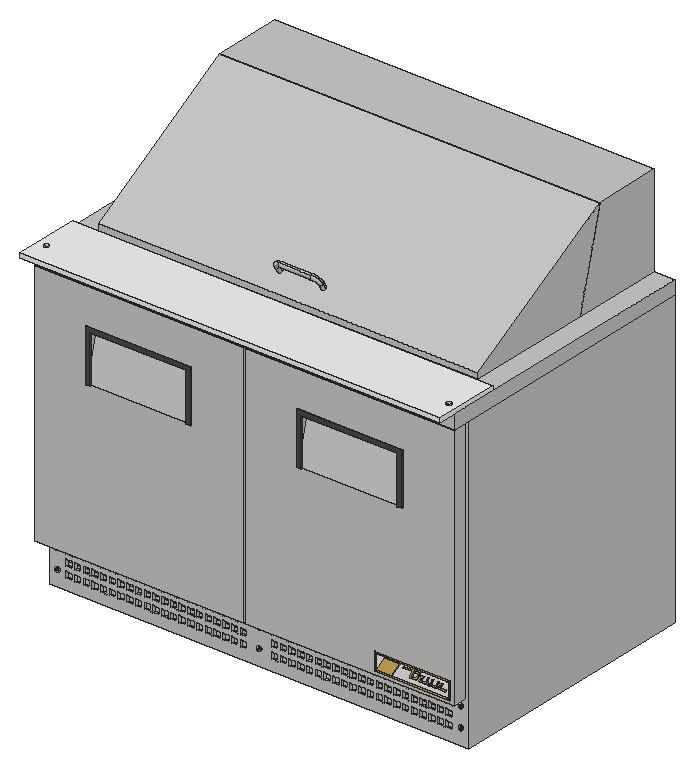
Revit family
Parameters
  Weight in Pounds = 480
  Watts = FL Amps * Volts  # 333.5 W
  Volts = 115 V
  URL Cutsheet = "www.truemfg.com"
  URL = "www.truemfg.com"
  Type Mark [instance] = ""
  Status [instance] = ""
  Specification by User [instance] = ""
  Specification by Manufacturer = ""
  Show Logo [instance] = yes
  Show Clearance [instance] = yes
  Serial Number = ""
  Seismic Rating = ""
  SMACNA No = ""
  Revision Code [instance] = ""
  Phase = 1
  Omniclass Number and Title = ""
  Number of Poles [instance] = 1
  NAFEM Spec ID Number = ""
  Model = "TFP-48-18M"
  Min Ckt Ampacity = 0 A
  Max Overcurrent Protection = 0 A
  Masterspec = ""
  Manufacturer = "TRUE FOOD SERVICE EQUIPMENT, INC."
  Item Number [instance] = ""
  Installed By [instance] = ""
  Identify Quantity as Lot [instance] = yes
  HP = "1/5"
  Furnished By [instance] = ""
  Foodservice Equipment Identifier [instance] = yes
  FL Amps = 2.9 A
  Electrical Remarks [instance] = ""
  Electric Connection Type [instance] = ""
  Elec Conn RI Height [instance] = 0"
  Elec Conn Connection Height [instance] = 0"
  Description = "FOOD PREP UNIT"
  Cycle = 60 Hz
  Conn Plug = "5-15P"
  Conn Conduit = yes
  CSI MasterFormat = ""
  CSI Master Format = ""
  Apparent Power = if(Phase = 3, Volts * FL Amps * 1.73, Volts * FL Amps)  # 333.5 VA
Reference planes (in)
  plane 1 "BACK": y = -16.5
  plane 2: z = 0
  plane 3 "LEFT": x = 0
  plane 4 "RIGHT": x = 48.125
  plane 5 "FRONT": y = -50.03125
  plane 6 "TOP": z = 46.5
  plane 7: y = -70.46875
Forms (in)
  Extrusion 1, solid, material "QF_Finishes_Stainless Steel"
    sketch origin (8, -16, 0) x (1, 0, 0) y (0, 0, 1)
      loop
        line (-8, 0.75) -> (40.125, 0.75) -> (40.125, 6.05001) -> (-8, 6.05001) -> (-8, 0.75)
      loop
        line (-6.10691, 5.23339) -> (-6.10691, 4.48339) -> (-5.35691, 4.48339) -> (-5.35691, 5.23339) -> (-6.10691, 5.23339)
      loop
        line (-4.10691, 5.23339) -> (-4.10691, 4.48339) -> (-3.35691, 4.48339) -> (-3.35691, 5.23339) -> (-4.10691, 5.23339)
      loop
        line (-2.10691, 5.23339) -> (-2.10691, 4.48339) -> (-1.35691, 4.48339) -> (-1.35691, 5.23339) -> (-2.10691, 5.23339)
      loop
        line (-0.10691, 5.23339) -> (-0.10691, 4.48339) -> (0.64309, 4.48339) -> (0.64309, 5.23339) -> (-0.10691, 5.23339)
      loop
        line (1.89309, 5.23339) -> (1.89309, 4.48339) -> (2.64309, 4.48339) -> (2.64309, 5.23339) -> (1.89309, 5.23339)
      loop
        line (3.89309, 5.23339) -> (3.89309, 4.48339) -> (4.64309, 4.48339) -> (4.64309, 5.23339) -> (3.89309, 5.23339)
      loop
        line (5.89309, 5.23339) -> (5.89309, 4.48339) -> (6.64309, 4.48339) -> (6.64309, 5.23339) -> (5.89309, 5.23339)
      loop
        line (-6.10691, 3.98339) -> (-6.10691, 3.23339) -> (-5.35691, 3.23339) -> (-5.35691, 3.98339) -> (-6.10691, 3.98339)
      loop
        line (-4.10691, 3.98339) -> (-4.10691, 3.23339) -> (-3.35691, 3.23339) -> (-3.35691, 3.98339) -> (-4.10691, 3.98339)
      loop
        line (-2.10691, 3.98339) -> (-2.10691, 3.23339) -> (-1.35691, 3.23339) -> (-1.35691, 3.98339) -> (-2.10691, 3.98339)
      loop
        line (-0.10691, 3.98339) -> (-0.10691, 3.23339) -> (0.64309, 3.23339) -> (0.64309, 3.98339) -> (-0.10691, 3.98339)
      loop
        line (1.89309, 3.98339) -> (1.89309, 3.23339) -> (2.64309, 3.23339) -> (2.64309, 3.98339) -> (1.89309, 3.98339)
      loop
        line (3.89309, 3.98339) -> (3.89309, 3.23339) -> (4.64309, 3.23339) -> (4.64309, 3.98339) -> (3.89309, 3.98339)
      loop
        line (5.89309, 3.98339) -> (5.89309, 3.23339) -> (6.64309, 3.23339) -> (6.64309, 3.98339) -> (5.89309, 3.98339)
      loop
        line (-6.10691, 2.73339) -> (-6.10691, 1.98339) -> (-5.35691, 1.98339) -> (-5.35691, 2.73339) -> (-6.10691, 2.73339)
      loop
        line (-4.10691, 2.73339) -> (-4.10691, 1.98339) -> (-3.35691, 1.98339) -> (-3.35691, 2.73339) -> (-4.10691, 2.73339)
      loop
        line (-2.10691, 2.73339) -> (-2.10691, 1.98339) -> (-1.35691, 1.98339) -> (-1.35691, 2.73339) -> (-2.10691, 2.73339)
      loop
        line (-0.10691, 2.73339) -> (-0.10691, 1.98339) -> (0.64309, 1.98339) -> (0.64309, 2.73339) -> (-0.10691, 2.73339)
      loop
        line (1.89309, 2.73339) -> (1.89309, 1.98339) -> (2.64309, 1.98339) -> (2.64309, 2.73339) -> (1.89309, 2.73339)
      loop
        line (3.89309, 2.73339) -> (3.89309, 1.98339) -> (4.64309, 1.98339) -> (4.64309, 2.73339) -> (3.89309, 2.73339)
      loop
        line (5.89309, 2.73339) -> (5.89309, 1.98339) -> (6.64309, 1.98339) -> (6.64309, 2.73339) -> (5.89309, 2.73339)
      loop
        line (-5.10691, 5.23339) -> (-5.10691, 4.48339) -> (-4.35691, 4.48339) -> (-4.35691, 5.23339) -> (-5.10691, 5.23339)
      loop
        line (-5.10691, 3.98339) -> (-5.10691, 3.23339) -> (-4.35691, 3.23339) -> (-4.35691, 3.98339) -> (-5.10691, 3.98339)
      loop
        line (-5.10691, 2.73339) -> (-5.10691, 1.98339) -> (-4.35691, 1.98339) -> (-4.35691, 2.73339) -> (-5.10691, 2.73339)
      loop
        line (-3.10691, 5.23339) -> (-3.10691, 4.48339) -> (-2.35691, 4.48339) -> (-2.35691, 5.23339) -> (-3.10691, 5.23339)
      loop
        line (-3.10691, 3.98339) -> (-3.10691, 3.23339) -> (-2.35691, 3.23339) -> (-2.35691, 3.98339) -> (-3.10691, 3.98339)
      loop
        line (-3.10691, 2.73339) -> (-3.10691, 1.98339) -> (-2.35691, 1.98339) -> (-2.35691, 2.73339) -> (-3.10691, 2.73339)
      loop
        line (-1.10691, 5.23339) -> (-1.10691, 4.48339) -> (-0.35691, 4.48339) -> (-0.35691, 5.23339) -> (-1.10691, 5.23339)
      loop
        line (-1.10691, 3.98339) -> (-1.10691, 3.23339) -> (-0.35691, 3.23339) -> (-0.35691, 3.98339) -> (-1.10691, 3.98339)
      loop
        line (-1.10691, 2.73339) -> (-1.10691, 1.98339) -> (-0.35691, 1.98339) -> (-0.35691, 2.73339) -> (-1.10691, 2.73339)
      loop
        line (0.89309, 5.23339) -> (0.89309, 4.48339) -> (1.64309, 4.48339) -> (1.64309, 5.23339) -> (0.89309, 5.23339)
      loop
        line (0.89309, 3.98339) -> (0.89309, 3.23339) -> (1.64309, 3.23339) -> (1.64309, 3.98339) -> (0.89309, 3.98339)
      loop
        line (0.89309, 2.73339) -> (0.89309, 1.98339) -> (1.64309, 1.98339) -> (1.64309, 2.73339) -> (0.89309, 2.73339)
      loop
        line (2.89309, 5.23339) -> (2.89309, 4.48339) -> (3.64309, 4.48339) -> (3.64309, 5.23339) -> (2.89309, 5.23339)
      loop
        line (2.89309, 3.98339) -> (2.89309, 3.23339) -> (3.64309, 3.23339) -> (3.64309, 3.98339) -> (2.89309, 3.98339)
      loop
        line (2.89309, 2.73339) -> (2.89309, 1.98339) -> (3.64309, 1.98339) -> (3.64309, 2.73339) -> (2.89309, 2.73339)
      loop
        line (4.89309, 5.23339) -> (4.89309, 4.48339) -> (5.64309, 4.48339) -> (5.64309, 5.23339) -> (4.89309, 5.23339)
      loop
        line (4.89309, 3.98339) -> (4.89309, 3.23339) -> (5.64309, 3.23339) -> (5.64309, 3.98339) -> (4.89309, 3.98339)
      loop
        line (4.89309, 2.73339) -> (4.89309, 1.98339) -> (5.64309, 1.98339) -> (5.64309, 2.73339) -> (4.89309, 2.73339)
      loop
        line (7.89309, 5.23339) -> (7.89309, 4.48339) -> (8.64309, 4.48339) -> (8.64309, 5.23339) -> (7.89309, 5.23339)
      loop
        line (9.89309, 5.23339) -> (9.89309, 4.48339) -> (10.64309, 4.48339) -> (10.64309, 5.23339) -> (9.89309, 5.23339)
      loop
        line (11.89309, 5.23339) -> (11.89309, 4.48339) -> (12.64309, 4.48339) -> (12.64309, 5.23339) -> (11.89309, 5.23339)
      loop
        line (7.89309, 3.98339) -> (7.89309, 3.23339) -> (8.64309, 3.23339) -> (8.64309, 3.98339) -> (7.89309, 3.98339)
      loop
        line (9.89309, 3.98339) -> (9.89309, 3.23339) -> (10.64309, 3.23339) -> (10.64309, 3.98339) -> (9.89309, 3.98339)
      loop
        line (11.89309, 3.98339) -> (11.89309, 3.23339) -> (12.64309, 3.23339) -> (12.64309, 3.98339) -> (11.89309, 3.98339)
      loop
        line (7.89309, 2.73339) -> (7.89309, 1.98339) -> (8.64309, 1.98339) -> (8.64309, 2.73339) -> (7.89309, 2.73339)
      loop
        line (9.89309, 2.73339) -> (9.89309, 1.98339) -> (10.64309, 1.98339) -> (10.64309, 2.73339) -> (9.89309, 2.73339)
      loop
        line (11.89309, 2.73339) -> (11.89309, 1.98339) -> (12.64309, 1.98339) -> (12.64309, 2.73339) -> (11.89309, 2.73339)
      loop
        line (6.89309, 5.23339) -> (6.89309, 4.48339) -> (7.64309, 4.48339) -> (7.64309, 5.23339) -> (6.89309, 5.23339)
      loop
        line (6.89309, 3.98339) -> (6.89309, 3.23339) -> (7.64309, 3.23339) -> (7.64309, 3.98339) -> (6.89309, 3.98339)
      loop
        line (6.89309, 2.73339) -> (6.89309, 1.98339) -> (7.64309, 1.98339) -> (7.64309, 2.73339) -> (6.89309, 2.73339)
      loop
        line (8.89309, 5.23339) -> (8.89309, 4.48339) -> (9.64309, 4.48339) -> (9.64309, 5.23339) -> (8.89309, 5.23339)
      loop
        line (8.89309, 3.98339) -> (8.89309, 3.23339) -> (9.64309, 3.23339) -> (9.64309, 3.98339) -> (8.89309, 3.98339)
      loop
        line (8.89309, 2.73339) -> (8.89309, 1.98339) -> (9.64309, 1.98339) -> (9.64309, 2.73339) -> (8.89309, 2.73339)
      loop
        line (10.89309, 5.23339) -> (10.89309, 4.48339) -> (11.64309, 4.48339) -> (11.64309, 5.23339) -> (10.89309, 5.23339)
      loop
        line (10.89309, 3.98339) -> (10.89309, 3.23339) -> (11.64309, 3.23339) -> (11.64309, 3.98339) -> (10.89309, 3.98339)
      loop
        line (10.89309, 2.73339) -> (10.89309, 1.98339) -> (11.64309, 1.98339) -> (11.64309, 2.73339) -> (10.89309, 2.73339)
      loop
        line (13.89309, 5.23339) -> (13.89309, 4.48339) -> (14.64309, 4.48339) -> (14.64309, 5.23339) -> (13.89309, 5.23339)
      loop
        line (13.89309, 3.98339) -> (13.89309, 3.23339) -> (14.64309, 3.23339) -> (14.64309, 3.98339) -> (13.89309, 3.98339)
      loop
        line (13.89309, 2.73339) -> (13.89309, 1.98339) -> (14.64309, 1.98339) -> (14.64309, 2.73339) -> (13.89309, 2.73339)
      loop
        line (12.89309, 5.23339) -> (12.89309, 4.48339) -> (13.64309, 4.48339) -> (13.64309, 5.23339) -> (12.89309, 5.23339)
      loop
        line (12.89309, 3.98339) -> (12.89309, 3.23339) -> (13.64309, 3.23339) -> (13.64309, 3.98339) -> (12.89309, 3.98339)
      loop
        line (12.89309, 2.73339) -> (12.89309, 1.98339) -> (13.64309, 1.98339) -> (13.64309, 2.73339) -> (12.89309, 2.73339)
      loop
        line (38.23191, 5.23339) -> (37.48191, 5.23339) -> (37.48191, 4.48339) -> (38.23191, 4.48339) -> (38.23191, 5.23339)
      loop
        line (36.23191, 5.23339) -> (35.48191, 5.23339) -> (35.48191, 4.48339) -> (36.23191, 4.48339) -> (36.23191, 5.23339)
      loop
        line (34.23191, 5.23339) -> (33.48191, 5.23339) -> (33.48191, 4.48339) -> (34.23191, 4.48339) -> (34.23191, 5.23339)
      loop
        line (32.23191, 5.23339) -> (31.48191, 5.23339) -> (31.48191, 4.48339) -> (32.23191, 4.48339) -> (32.23191, 5.23339)
      loop
        line (30.23191, 5.23339) -> (29.48191, 5.23339) -> (29.48191, 4.48339) -> (30.23191, 4.48339) -> (30.23191, 5.23339)
      loop
        line (28.23191, 5.23339) -> (27.48191, 5.23339) -> (27.48191, 4.48339) -> (28.23191, 4.48339) -> (28.23191, 5.23339)
      loop
        line (26.23191, 5.23339) -> (25.48191, 5.23339) -> (25.48191, 4.48339) -> (26.23191, 4.48339) -> (26.23191, 5.23339)
      loop
        line (38.23191, 3.98339) -> (37.48191, 3.98339) -> (37.48191, 3.23339) -> (38.23191, 3.23339) -> (38.23191, 3.98339)
      loop
        line (36.23191, 3.98339) -> (35.48191, 3.98339) -> (35.48191, 3.23339) -> (36.23191, 3.23339) -> (36.23191, 3.98339)
      loop
        line (34.23191, 3.98339) -> (33.48191, 3.98339) -> (33.48191, 3.23339) -> (34.23191, 3.23339) -> (34.23191, 3.98339)
      loop
        line (32.23191, 3.98339) -> (31.48191, 3.98339) -> (31.48191, 3.23339) -> (32.23191, 3.23339) -> (32.23191, 3.98339)
      loop
        line (30.23191, 3.98339) -> (29.48191, 3.98339) -> (29.48191, 3.23339) -> (30.23191, 3.23339) -> (30.23191, 3.98339)
      loop
        line (28.23191, 3.98339) -> (27.48191, 3.98339) -> (27.48191, 3.23339) -> (28.23191, 3.23339) -> (28.23191, 3.98339)
      loop
        line (26.23191, 3.98339) -> (25.48191, 3.98339) -> (25.48191, 3.23339) -> (26.23191, 3.23339) -> (26.23191, 3.98339)
      loop
        line (38.23191, 2.73339) -> (37.48191, 2.73339) -> (37.48191, 1.98339) -> (38.23191, 1.98339) -> (38.23191, 2.73339)
      loop
        line (36.23191, 2.73339) -> (35.48191, 2.73339) -> (35.48191, 1.98339) -> (36.23191, 1.98339) -> (36.23191, 2.73339)
      loop
        line (34.23191, 2.73339) -> (33.48191, 2.73339) -> (33.48191, 1.98339) -> (34.23191, 1.98339) -> (34.23191, 2.73339)
      loop
        line (32.23191, 2.73339) -> (31.48191, 2.73339) -> (31.48191, 1.98339) -> (32.23191, 1.98339) -> (32.23191, 2.73339)
      loop
        line (30.23191, 2.73339) -> (29.48191, 2.73339) -> (29.48191, 1.98339) -> (30.23191, 1.98339) -> (30.23191, 2.73339)
      loop
        line (28.23191, 2.73339) -> (27.48191, 2.73339) -> (27.48191, 1.98339) -> (28.23191, 1.98339) -> (28.23191, 2.73339)
      loop
        line (26.23191, 2.73339) -> (25.48191, 2.73339) -> (25.48191, 1.98339) -> (26.23191, 1.98339) -> (26.23191, 2.73339)
      loop
        line (37.23191, 5.23339) -> (36.48191, 5.23339) -> (36.48191, 4.48339) -> (37.23191, 4.48339) -> (37.23191, 5.23339)
      loop
        line (37.23191, 3.98339) -> (36.48191, 3.98339) -> (36.48191, 3.23339) -> (37.23191, 3.23339) -> (37.23191, 3.98339)
      loop
        line (37.23191, 2.73339) -> (36.48191, 2.73339) -> (36.48191, 1.98339) -> (37.23191, 1.98339) -> (37.23191, 2.73339)
      loop
        line (35.23191, 5.23339) -> (34.48191, 5.23339) -> (34.48191, 4.48339) -> (35.23191, 4.48339) -> (35.23191, 5.23339)
      loop
        line (35.23191, 3.98339) -> (34.48191, 3.98339) -> (34.48191, 3.23339) -> (35.23191, 3.23339) -> (35.23191, 3.98339)
      loop
        line (35.23191, 2.73339) -> (34.48191, 2.73339) -> (34.48191, 1.98339) -> (35.23191, 1.98339) -> (35.23191, 2.73339)
      loop
        line (33.23191, 5.23339) -> (32.48191, 5.23339) -> (32.48191, 4.48339) -> (33.23191, 4.48339) -> (33.23191, 5.23339)
      loop
        line (33.23191, 3.98339) -> (32.48191, 3.98339) -> (32.48191, 3.23339) -> (33.23191, 3.23339) -> (33.23191, 3.98339)
      loop
        line (33.23191, 2.73339) -> (32.48191, 2.73339) -> (32.48191, 1.98339) -> (33.23191, 1.98339) -> (33.23191, 2.73339)
      loop
        line (31.23191, 5.23339) -> (30.48191, 5.23339) -> (30.48191, 4.48339) -> (31.23191, 4.48339) -> (31.23191, 5.23339)
      loop
        line (31.23191, 3.98339) -> (30.48191, 3.98339) -> (30.48191, 3.23339) -> (31.23191, 3.23339) -> (31.23191, 3.98339)
      loop
        line (31.23191, 2.73339) -> (30.48191, 2.73339) -> (30.48191, 1.98339) -> (31.23191, 1.98339) -> (31.23191, 2.73339)
      loop
        line (29.23191, 5.23339) -> (28.48191, 5.23339) -> (28.48191, 4.48339) -> (29.23191, 4.48339) -> (29.23191, 5.23339)
      loop
        line (29.23191, 3.98339) -> (28.48191, 3.98339) -> (28.48191, 3.23339) -> (29.23191, 3.23339) -> (29.23191, 3.98339)
      loop
        line (29.23191, 2.73339) -> (28.48191, 2.73339) -> (28.48191, 1.98339) -> (29.23191, 1.98339) -> (29.23191, 2.73339)
      loop
        line (27.23191, 5.23339) -> (26.48191, 5.23339) -> (26.48191, 4.48339) -> (27.23191, 4.48339) -> (27.23191, 5.23339)
      loop
        line (27.23191, 3.98339) -> (26.48191, 3.98339) -> (26.48191, 3.23339) -> (27.23191, 3.23339) -> (27.23191, 3.98339)
      loop
        line (27.23191, 2.73339) -> (26.48191, 2.73339) -> (26.48191, 1.98339) -> (27.23191, 1.98339) -> (27.23191, 2.73339)
      loop
        line (24.23191, 5.23339) -> (23.48191, 5.23339) -> (23.48191, 4.48339) -> (24.23191, 4.48339) -> (24.23191, 5.23339)
      loop
        line (22.23191, 5.23339) -> (21.48191, 5.23339) -> (21.48191, 4.48339) -> (22.23191, 4.48339) -> (22.23191, 5.23339)
      loop
        line (20.23191, 5.23339) -> (19.48191, 5.23339) -> (19.48191, 4.48339) -> (20.23191, 4.48339) -> (20.23191, 5.23339)
      loop
        line (24.23191, 3.98339) -> (23.48191, 3.98339) -> (23.48191, 3.23339) -> (24.23191, 3.23339) -> (24.23191, 3.98339)
      loop
        line (22.23191, 3.98339) -> (21.48191, 3.98339) -> (21.48191, 3.23339) -> (22.23191, 3.23339) -> (22.23191, 3.98339)
      loop
        line (20.23191, 3.98339) -> (19.48191, 3.98339) -> (19.48191, 3.23339) -> (20.23191, 3.23339) -> (20.23191, 3.98339)
      loop
        line (24.23191, 2.73339) -> (23.48191, 2.73339) -> (23.48191, 1.98339) -> (24.23191, 1.98339) -> (24.23191, 2.73339)
      loop
        line (22.23191, 2.73339) -> (21.48191, 2.73339) -> (21.48191, 1.98339) -> (22.23191, 1.98339) -> (22.23191, 2.73339)
      loop
        line (20.23191, 2.73339) -> (19.48191, 2.73339) -> (19.48191, 1.98339) -> (20.23191, 1.98339) -> (20.23191, 2.73339)
      loop
        line (25.23191, 5.23339) -> (24.48191, 5.23339) -> (24.48191, 4.48339) -> (25.23191, 4.48339) -> (25.23191, 5.23339)
      loop
        line (25.23191, 3.98339) -> (24.48191, 3.98339) -> (24.48191, 3.23339) -> (25.23191, 3.23339) -> (25.23191, 3.98339)
      loop
        line (25.23191, 2.73339) -> (24.48191, 2.73339) -> (24.48191, 1.98339) -> (25.23191, 1.98339) -> (25.23191, 2.73339)
      loop
        line (23.23191, 5.23339) -> (22.48191, 5.23339) -> (22.48191, 4.48339) -> (23.23191, 4.48339) -> (23.23191, 5.23339)
      loop
        line (23.23191, 3.98339) -> (22.48191, 3.98339) -> (22.48191, 3.23339) -> (23.23191, 3.23339) -> (23.23191, 3.98339)
      loop
        line (23.23191, 2.73339) -> (22.48191, 2.73339) -> (22.48191, 1.98339) -> (23.23191, 1.98339) -> (23.23191, 2.73339)
      loop
        line (21.23191, 5.23339) -> (20.48191, 5.23339) -> (20.48191, 4.48339) -> (21.23191, 4.48339) -> (21.23191, 5.23339)
      loop
        line (21.23191, 3.98339) -> (20.48191, 3.98339) -> (20.48191, 3.23339) -> (21.23191, 3.23339) -> (21.23191, 3.98339)
      loop
        line (21.23191, 2.73339) -> (20.48191, 2.73339) -> (20.48191, 1.98339) -> (21.23191, 1.98339) -> (21.23191, 2.73339)
      loop
        line (18.23191, 5.23339) -> (17.48191, 5.23339) -> (17.48191, 4.48339) -> (18.23191, 4.48339) -> (18.23191, 5.23339)
      loop
        line (18.23191, 3.98339) -> (17.48191, 3.98339) -> (17.48191, 3.23339) -> (18.23191, 3.23339) -> (18.23191, 3.98339)
      loop
        line (18.23191, 2.73339) -> (17.48191, 2.73339) -> (17.48191, 1.98339) -> (18.23191, 1.98339) -> (18.23191, 2.73339)
      loop
        line (19.23191, 5.23339) -> (18.48191, 5.23339) -> (18.48191, 4.48339) -> (19.23191, 4.48339) -> (19.23191, 5.23339)
      loop
        line (19.23191, 3.98339) -> (18.48191, 3.98339) -> (18.48191, 3.23339) -> (19.23191, 3.23339) -> (19.23191, 3.98339)
      loop
        line (19.23191, 2.73339) -> (18.48191, 2.73339) -> (18.48191, 1.98339) -> (19.23191, 1.98339) -> (19.23191, 2.73339)
    from 29.62 to 29.87
  Extrusion 2, solid, material "QF_Finishes_Stainless Steel"
    sketch origin (0.125, 0, 0) x (0, 1, 0) y (0, 0, 1)
      loop
        line (-16.5, 36) -> (-16.5, 46.5) -> (-24.34375, 46.5) -> (-27.1875, 36) -> (-16.5, 36)
    from 2.1875 to 45.6875
  Extrusion 3, solid, material "QF_Finishes_Stainless Steel"
    sketch origin (0, 0, 0) x (0, 1, 0) y (0, 0, 1)
      loop
        line (-27.1875, 36) -> (-24.34375, 46.5) -> (-41.71875, 36.68893) -> (-41.71875, 36) -> (-27.1875, 36)
    from 2.3125 to 45.8125
  Extrusion 4, solid, material "QF_Finishes_Stainless Steel"
    sketch origin (0, 0, 0) x (0, 1, 0) y (0, 0, 1)
      loop
        line (-48, 36) -> (-48, 34.40823) -> (-16.5, 34.40823) -> (-16.5, 36) -> (-48, 36)
    from 0 to 48.125
  Extrusion 5, solid, material "QF_Finishes_Stainless Steel"
    sketch origin (0, 0, 0) x (0, 1, 0) y (0, 0, 1)
      loop
        line (-45.87, 34.40823) -> (-45.87, 6.04042) -> (-16.96875, 6.04042) -> (-16.96875, 3.25) -> (-45.12, 3.25) -> (-45.12, 1) -> (-45.62, 1) -> (-45.62, 0.75) -> (-44.87, 0.75) -> (-44.87, 3) -> (-16.96875, 3) -> (-16.96875, 0.75) -> (-16.5, 0.75) -> (-16.5, 34.40823) -> (-45.87, 34.40823)
    from 0 to 48.125
  Extrusion 6, solid, material "QF_Finishes_Stainless Steel"
    sketch origin (0, -16.5, 0) x (1, 0, 0) y (0, 0, 1)
      loop
        line (0, 0.75) -> (0.53645, 0.75) -> (0.53645, 6.04042) -> (0, 6.04042) -> (0, 0.75)
      loop
        line (48.125, 0.75) -> (48.125, 6.04042) -> (47.58855, 6.04042) -> (47.58855, 0.75) -> (48.125, 0.75)
    from 0 to 29.12
  Extrusion 7, solid, material "QF_Finishes_Stainless Steel"
    sketch origin (0, -15, 0) x (1, 0, 0) y (0, 0, 1)
      loop
        line (23.9375, 6.04042) -> (23.9375, 34.28323) -> (0, 34.28323) -> (0, 6.04042) -> (23.9375, 6.04042)
      loop
        line (5.96875, 24.28323) -> (17.96875, 24.28323) -> (17.96875, 30.28323) -> (5.96875, 30.28323) -> (5.96875, 24.28323)
      loop
        line (24.1875, 6.04042) -> (48.125, 6.04042) -> (48.125, 34.28323) -> (24.1875, 34.28323) -> (24.1875, 6.04042)
      loop
        line (42.15625, 24.28323) -> (42.15625, 30.28323) -> (30.15625, 30.28323) -> (30.15625, 24.28323) -> (42.15625, 24.28323)
    from 31.44201 to 33
  Extrusion 8, solid, material "QF_Finishes_Black"
    sketch origin (0, 1.5, 0) x (0, 1, 0) y (0, 0, 1)
      loop
        line (-47.94201, 33.8406) -> (-47.94201, 20.62458) -> (-47.37, 20.62458) -> (-47.37, 33.8406) -> (-47.94201, 33.8406)
      loop
        line (-47.94201, 19.61128) -> (-47.94201, 6.82675) -> (-47.37, 6.82675) -> (-47.37, 19.61128) -> (-47.94201, 19.61128)
    from 0.53645 to 23.40105
  Extrusion 9, solid, material "QF_Finishes_Stainless Steel"
    sketch origin (-3.46875, 1.5, 0) x (0, 1, 0) y (0, 0, 1)
      loop
        line (-47.94201, 30.28323) -> (-49.5, 24.28323) -> (-47.94201, 24.28323) -> (-47.94201, 30.28323)
    from 9.4375 to 21.4375
  Extrusion 10, solid, material "QF_Finishes_Black"
    sketch origin (-3.46875, -48, 0) x (1, 0, 0) y (0, 0, 1)
      loop
        line (21.4375, 30.28323) -> (9.4375, 30.28323) -> (9.4375, 24.28323) -> (9.9375, 24.28323) -> (9.9375, 29.78323) -> (20.9375, 29.78323) -> (20.9375, 24.28323) -> (21.4375, 24.28323) -> (21.4375, 30.28323)
      loop
        line (33.625, 30.28323) -> (33.625, 24.28323) -> (34.125, 24.28323) -> (34.125, 29.78323) -> (45.125, 29.78323) -> (45.125, 24.28323) -> (45.625, 24.28323) -> (45.625, 30.28323) -> (33.625, 30.28323)
    from 0 to 0.125
  Extrusion 11, solid, material "QF_Finishes_White"
    sketch origin (0, 0, 0) x (0, 1, 0) y (0, 0, 1)
      loop
        line (-50.03125, 36.5) -> (-50.03125, 36) -> (-42.53125, 36) -> (-42.53125, 36.5) -> (-50.03125, 36.5)
    from 0 to 48.125
  Sweep 12, solid, material "QF_Finishes_Stainless Steel"
    path origin (7.87857, -19.52146, 7.92906) x (1, 0, 0) y (0, -0.560766, 0.827974)
      loop
        line (18.42574, 36.0969) -> (18.42574, 36.8469)
        arc (18.42574, 36.8469) -> (18.29892, 37.15309) -> (17.99273, 37.27992) r 0.43301
        line (17.99273, 37.27992) -> (14.37051, 37.27992)
        arc (14.37051, 37.27992) -> (14.06433, 37.15309) -> (13.9375, 36.8469) r 0.43301
        line (13.9375, 36.8469) -> (13.9375, 36.0969)
    profile origin (21.81607, -39.97367, 38.12686) x (1, 0, 0) y (0, -0.827974, -0.560766)
      loop
        circle (-0.25, 0) r 0.25
  Extrusion 13, solid, material "QF_Finishes_Handrails and Railings"
    sketch origin (0.3125, -45.87, 0) x (1, 0, 0) y (0, 0, 1)
      loop
        circle (0.625, 4.80001) r 0.25
      loop
        circle (0.625, 2.55001) r 0.25
      loop
        line (0.60938, 4.93254) -> (0.60938, 4.81564) -> (0.49788, 4.81564) -> (0.49788, 4.78439) -> (0.60938, 4.78439) -> (0.60937, 4.66749) -> (0.64062, 4.66749) -> (0.64063, 4.78439) -> (0.75212, 4.78439) -> (0.75212, 4.81564) -> (0.64063, 4.81564) -> (0.64063, 4.93254) -> (0.60938, 4.93254)
      loop
        line (0.60937, 2.68254) -> (0.60937, 2.56564) -> (0.49788, 2.56564) -> (0.49788, 2.53439) -> (0.60937, 2.53439) -> (0.60937, 2.41749) -> (0.64062, 2.41749) -> (0.64062, 2.53439) -> (0.75212, 2.53439) -> (0.75212, 2.56564) -> (0.64062, 2.56564) -> (0.64062, 2.68254) -> (0.60937, 2.68254)
    from 0 to 0.0625
  Extrusion 14, solid, material "QF_Finishes_Satin - Goldenrod", visible <- "Show Logo"
    sketch origin (38.1543, -13.23203, -22.99575) x (1, 0, 0) y (0, 0, 1)
      loop
        line (4.18351, 31.09206) -> (4.10478, 30.92323) -> (5.15208, 30.92323)
        arc (5.15208, 30.92323) -> (5.17333, 30.88564) -> (5.15208, 30.84805) r 0.04386
        line (5.15208, 30.84805) -> (4.87892, 30.26228)
        arc (4.87892, 30.26228) -> (4.87656, 30.20802) -> (4.91325, 30.16798) r 0.07096
        line (4.91325, 30.16798) -> (5.5829, 30.16798)
        arc (5.5829, 30.16798) -> (5.66746, 30.19464) -> (5.72144, 30.26498) r 0.14742
        line (5.72144, 30.26498) -> (5.9364, 30.72597) -> (6.1339, 30.72597)
        arc (6.1339, 30.72597) -> (6.18572, 30.70692) -> (6.17822, 30.65222) r 0.04405
        line (6.17822, 30.65222) -> (5.99835, 30.26649)
        arc (5.99835, 30.26649) -> (6.00115, 30.20243) -> (6.05523, 30.16798) r 0.06943
        line (6.05523, 30.16798) -> (6.64365, 30.16798)
        arc (6.64365, 30.16798) -> (6.68873, 30.18439) -> (6.71272, 30.22594) r 0.07014
        arc (6.71272, 30.22594) -> (6.7297, 30.18495) -> (6.77068, 30.16798) r 0.05796
        line (6.77068, 30.16798) -> (7.14325, 30.16798)
        arc (7.14325, 30.16798) -> (7.18629, 30.17951) -> (7.2178, 30.21102) r 0.08608
        arc (7.2178, 30.21102) -> (7.23289, 30.1746) -> (7.26931, 30.15952) r 0.0515
        line (7.26931, 30.15952) -> (7.79882, 30.15952)
        arc (7.79882, 30.15952) -> (7.84211, 30.17745) -> (7.86005, 30.22074) r 0.06122
        arc (7.86005, 30.22074) -> (7.89973, 30.18105) -> (7.95394, 30.16653) r 0.10842
        line (7.95394, 30.16653) -> (8.94586, 30.16653) -> (9.05604, 30.35737) -> (8.05555, 30.35737)
        arc (8.05555, 30.35737) -> (8.02794, 30.37652) -> (8.02691, 30.41011) r 0.03732
        line (8.02691, 30.41011) -> (8.04422, 30.44722)
        arc (8.04422, 30.44722) -> (8.07079, 30.48203) -> (8.11255, 30.49524) r 0.07263
        line (8.11255, 30.49524) -> (8.43414, 30.49524)
        arc (8.43414, 30.49524) -> (8.50355, 30.51383) -> (8.55436, 30.56465) r 0.13882
        line (8.55436, 30.56465) -> (8.6475, 30.72597)
        arc (8.6475, 30.72597) -> (8.6475, 30.81208) -> (8.57293, 30.85513) r 0.08611
        line (8.57293, 30.85513) -> (8.23352, 30.85513)
        arc (8.23352, 30.85513) -> (8.14699, 30.84044) -> (8.08663, 30.77673) r 0.13863
        line (8.08663, 30.77673) -> (7.92534, 30.43083)
        arc (7.92534, 30.43083) -> (7.87774, 30.3688) -> (7.80316, 30.34528) r 0.13002
        line (7.80316, 30.34528) -> (7.45109, 30.34528)
        arc (7.45109, 30.34528) -> (7.40895, 30.39128) -> (7.41167, 30.4536) r 0.08151
        line (7.41167, 30.4536) -> (7.59891, 30.85513) -> (7.47974, 30.85513) -> (7.28137, 30.42972)
        arc (7.28137, 30.42972) -> (7.24283, 30.37949) -> (7.18244, 30.36046) r 0.10527
        line (7.18244, 30.36046) -> (6.93967, 30.36046)
        arc (6.93967, 30.36046) -> (6.89865, 30.41392) -> (6.90744, 30.48073) r 0.08805
        line (6.90744, 30.48073) -> (7.08203, 30.85513) -> (6.95897, 30.85513) -> (6.75801, 30.42418)
        arc (6.75801, 30.42418) -> (6.71136, 30.37753) -> (6.64764, 30.36046) r 0.12745
        line (6.64764, 30.36046) -> (6.29609, 30.36046)
        arc (6.29609, 30.36046) -> (6.23295, 30.3899) -> (6.22688, 30.4593) r 0.06967
        line (6.22688, 30.4593) -> (6.34243, 30.70711) -> (6.50577, 30.70711)
        arc (6.50577, 30.70711) -> (6.53334, 30.79018) -> (6.592, 30.85513) r 0.21289
        line (6.592, 30.85513) -> (5.95369, 30.85513)
        arc (5.95369, 30.85513) -> (5.88276, 30.83941) -> (5.83367, 30.78584) r 0.12081
        line (5.83367, 30.78584) -> (5.66065, 30.4148)
        arc (5.66065, 30.4148) -> (5.62087, 30.37502) -> (5.56653, 30.36046) r 0.10869
        line (5.56653, 30.36046) -> (5.18545, 30.36046)
        arc (5.18545, 30.36046) -> (5.15571, 30.40065) -> (5.16137, 30.45033) r 0.06822
        line (5.16137, 30.45033) -> (5.41281, 30.92323) -> (6.04721, 30.92323) -> (6.12594, 31.09206) -> (5.49154, 31.09206) -> (5.57027, 31.2609) -> (5.34459, 31.2609) -> (5.26586, 31.09206) -> (4.18351, 31.09206)
      loop
        arc (8.19062, 30.70184) -> (8.16316, 30.69448) -> (8.14305, 30.67438) r 0.05494
        line (8.14305, 30.67438) -> (8.12672, 30.62415)
        arc (8.12672, 30.62415) -> (8.13429, 30.60587) -> (8.15258, 30.59829) r 0.02586
        line (8.15258, 30.59829) -> (8.43014, 30.59829)
        arc (8.43014, 30.59829) -> (8.45013, 30.60273) -> (8.46638, 30.6152) r 0.04731
        line (8.46638, 30.6152) -> (8.47988, 30.6777)
        arc (8.47988, 30.6777) -> (8.47591, 30.69443) -> (8.46039, 30.70184) r 0.01994
        line (8.46039, 30.70184) -> (8.19062, 30.70184)
      loop
        line (1.13539, 29.6475) -> (2.84485, 29.6475) -> (3.77016, 31.25018) -> (2.0607, 31.25018) -> (1.13539, 29.6475)
    from 34.76797 to 34.83173
  Extrusion 15, solid, material "QF_Finishes_White", visible <- "Show Logo"
    sketch origin (-26.3478, -13.25, -25.84035) x (1, 0, 0) y (0, 0, 1)
      loop
        line (73.84232, 34.15728) -> (65.51732, 34.15728) -> (65.51732, 32.4296) -> (73.84232, 32.4296) -> (73.84232, 34.15728)
    from 34.75 to 34.76797
  Extrusion 16, solid, material "QF_Finishes_Satin - Goldenrod", visible <- "Show Logo"
    sketch origin (-26.3478, -13.25, -25.84035) x (1, 0, 0) y (0, 0, 1)
      loop
        line (73.97982, 34.29477) -> (65.37982, 34.29477) -> (65.37982, 32.2921) -> (73.97982, 32.2921) -> (73.97982, 34.29477)
      loop
        line (65.51732, 34.15728) -> (65.51732, 32.4296) -> (73.84232, 32.4296) -> (73.84232, 34.15728) -> (65.51732, 34.15728)
    from 34.75 to 34.80335
  Revolve 17, solid, material "QF_Finishes_Black"
    sketch origin (1.76401, -42.04829, 0.25) x (1, 0, 0) y (0, 0, 1)
      loop
        line (2.62908, 2.14592) -> (2.525, 2.25) -> (1.475, 2.25) -> (1.375, 2.15) -> (1.375, 1.10871) -> (1.05969, 1.10871) -> (1.05969, 1) -> (2.94031, 1) -> (2.94031, 1.10871) -> (2.62908, 1.10871) -> (2.62908, 2.14592)
      axis (2.94031, 1) -> (1.05969, 1)
    angle from 0 to 360
  Revolve 18, solid, material "QF_Finishes_Chrome - Satin"
    sketch origin (1.76605, -42.79776, -2.97972) x (1, 0, 0) y (0, 0, 1)
      loop
        line (2, 5.74546) -> (2, 5.97972) -> (0.70293, 5.97972) -> (0.70293, 5.74546) -> (2, 5.74546)
      axis (2, 5.74546) -> (2, 5.97972)
    angle from 0 to 360
  Extrusion 19, solid, material "QF_Finishes_Handrails and Railings"
    sketch origin (-46.0152, -14.33096, -2.47972) x (0, 1, 0) y (0, 0, 1)
      loop
        line (-29.85761, 5.24546) -> (-29.85761, 5.04886) -> (-27.1095, 5.04886) -> (-27.1095, 5.24546) -> (-29.85761, 5.24546)
    from 49.10625 to 50.45625
  Extrusion 20, solid, material "QF_Finishes_Handrails and Railings"
    sketch origin (1.76605, -12.67471, -2.21999) x (0, 1, 0) y (0, 0, 1)
      loop
        line (-31.51386, 4.98574) -> (-31.51386, 4.78914) -> (-31.17057, 4.78914) -> (-29.89421, 3.10275)
        arc (-29.89421, 3.10275) -> (-29.21858, 2.8289) -> (-28.76575, 3.40024) r 0.60806
        line (-28.76575, 3.40024) -> (-28.76575, 4.98574) -> (-31.51386, 4.98574)
    from 1.175 to 1.325
  Extrusion 21, solid, material "QF_Finishes_Handrails and Railings"
    sketch origin (5.76605, -12.67471, -2.21999) x (0, 1, 0) y (0, 0, -1)
      loop
        line (-31.51386, -4.98574) -> (-28.76575, -4.98574) -> (-28.76575, -3.40024)
        arc (-28.76575, -3.40024) -> (-29.21858, -2.8289) -> (-29.89421, -3.10275) r 0.60806
        line (-29.89421, -3.10275) -> (-31.17057, -4.78914) -> (-31.51386, -4.78914) -> (-31.51386, -4.98574)
    from 1.175 to 1.325
  Revolve 22, solid, material "QF_Finishes_Black"
    sketch origin (1.76401, -18.86079, 0.25) x (1, 0, 0) y (0, 0, 1)
      loop
        line (2.62908, 2.14592) -> (2.525, 2.25) -> (1.475, 2.25) -> (1.375, 2.15) -> (1.375, 1.10871) -> (1.05969, 1.10871) -> (1.05969, 1) -> (2.94031, 1) -> (2.94031, 1.10871) -> (2.62908, 1.10871) -> (2.62908, 2.14592)
      axis (2.94031, 1) -> (1.05969, 1)
    angle from 0 to 360
  Revolve 23, solid, material "QF_Finishes_Chrome - Satin"
    sketch origin (1.76605, -19.61026, -2.97972) x (1, 0, 0) y (0, 0, 1)
      loop
        line (2, 5.74546) -> (2, 5.97972) -> (0.70293, 5.97972) -> (0.70293, 5.74546) -> (2, 5.74546)
      axis (2, 5.74546) -> (2, 5.97972)
    angle from 0 to 360
  Extrusion 24, solid, material "QF_Finishes_Handrails and Railings"
    sketch origin (-46.0152, 8.85654, -2.47972) x (0, 1, 0) y (0, 0, 1)
      loop
        line (-29.85761, 5.24546) -> (-29.85761, 5.04886) -> (-27.1095, 5.04886) -> (-27.1095, 5.24546) -> (-29.85761, 5.24546)
    from 49.10625 to 50.45625
  Extrusion 25, solid, material "QF_Finishes_Handrails and Railings"
    sketch origin (1.76605, 10.51279, -2.21999) x (0, 1, 0) y (0, 0, 1)
      loop
        line (-31.51386, 4.98574) -> (-31.51386, 4.78914) -> (-31.17057, 4.78914) -> (-29.89421, 3.10275)
        arc (-29.89421, 3.10275) -> (-29.21858, 2.8289) -> (-28.76575, 3.40024) r 0.60806
        line (-28.76575, 3.40024) -> (-28.76575, 4.98574) -> (-31.51386, 4.98574)
    from 1.175 to 1.325
  Extrusion 26, solid, material "QF_Finishes_Handrails and Railings"
    sketch origin (5.76605, 10.51279, -2.21999) x (0, 1, 0) y (0, 0, -1)
      loop
        line (-31.51386, -4.98574) -> (-28.76575, -4.98574) -> (-28.76575, -3.40024)
        arc (-28.76575, -3.40024) -> (-29.21858, -2.8289) -> (-29.89421, -3.10275) r 0.60806
        line (-29.89421, -3.10275) -> (-31.17057, -4.78914) -> (-31.51386, -4.78914) -> (-31.51386, -4.98574)
    from 1.175 to 1.325
  Revolve 27, solid, material "QF_Finishes_Black"
    sketch origin (46.36099, -42.04829, 0.25) x (-1, 0, 0) y (0, 0, -1)
      loop
        line (2.62908, -2.14592) -> (2.62908, -1.10871) -> (2.94031, -1.10871) -> (2.94031, -1) -> (1.05969, -1) -> (1.05969, -1.10871) -> (1.375, -1.10871) -> (1.375, -2.15) -> (1.475, -2.25) -> (2.525, -2.25) -> (2.62908, -2.14592)
      axis (2.94031, -1) -> (1.05969, -1)
    angle from 0 to 360
  Revolve 28, solid, material "QF_Finishes_Chrome - Satin"
    sketch origin (46.35895, -42.79776, -2.97972) x (-1, 0, 0) y (0, 0, -1)
      loop
        line (2, -5.74546) -> (0.70293, -5.74546) -> (0.70293, -5.97972) -> (2, -5.97972) -> (2, -5.74546)
      axis (2, -5.74546) -> (2, -5.97972)
    angle from 0 to 360
  Extrusion 29, solid, material "QF_Finishes_Handrails and Railings"
    sketch origin (94.1402, -14.33096, -2.47972) x (0, 1, 0) y (0, 0, -1)
      loop
        line (-29.85761, -5.24546) -> (-27.1095, -5.24546) -> (-27.1095, -5.04886) -> (-29.85761, -5.04886) -> (-29.85761, -5.24546)
    from 49.10625 to 50.45625
  Extrusion 30, solid, material "QF_Finishes_Handrails and Railings"
    sketch origin (46.35895, -12.67471, -2.21999) x (0, 1, 0) y (0, 0, -1)
      loop
        line (-31.51386, -4.98574) -> (-28.76575, -4.98574) -> (-28.76575, -3.40024)
        arc (-28.76575, -3.40024) -> (-29.21858, -2.8289) -> (-29.89421, -3.10275) r 0.60806
        line (-29.89421, -3.10275) -> (-31.17057, -4.78914) -> (-31.51386, -4.78914) -> (-31.51386, -4.98574)
    from 1.175 to 1.325
  Extrusion 31, solid, material "QF_Finishes_Handrails and Railings"
    sketch origin (42.35895, -12.67471, -2.21999) x (0, 1, 0) y (0, 0, 1)
      loop
        line (-31.51386, 4.98574) -> (-31.51386, 4.78914) -> (-31.17057, 4.78914) -> (-29.89421, 3.10275)
        arc (-29.89421, 3.10275) -> (-29.21858, 2.8289) -> (-28.76575, 3.40024) r 0.60806
        line (-28.76575, 3.40024) -> (-28.76575, 4.98574) -> (-31.51386, 4.98574)
    from 1.175 to 1.325
  Revolve 32, solid, material "QF_Finishes_Black"
    sketch origin (46.36099, -18.86079, 0.25) x (-1, 0, 0) y (0, 0, -1)
      loop
        line (2.62908, -2.14592) -> (2.62908, -1.10871) -> (2.94031, -1.10871) -> (2.94031, -1) -> (1.05969, -1) -> (1.05969, -1.10871) -> (1.375, -1.10871) -> (1.375, -2.15) -> (1.475, -2.25) -> (2.525, -2.25) -> (2.62908, -2.14592)
      axis (2.94031, -1) -> (1.05969, -1)
    angle from 0 to 360
  Revolve 33, solid, material "QF_Finishes_Chrome - Satin"
    sketch origin (46.35895, -19.61026, -2.97972) x (-1, 0, 0) y (0, 0, -1)
      loop
        line (2, -5.74546) -> (0.70293, -5.74546) -> (0.70293, -5.97972) -> (2, -5.97972) -> (2, -5.74546)
      axis (2, -5.74546) -> (2, -5.97972)
    angle from 0 to 360
  Extrusion 34, solid, material "QF_Finishes_Handrails and Railings"
    sketch origin (94.1402, 8.85654, -2.47972) x (0, 1, 0) y (0, 0, -1)
      loop
        line (-29.85761, -5.24546) -> (-27.1095, -5.24546) -> (-27.1095, -5.04886) -> (-29.85761, -5.04886) -> (-29.85761, -5.24546)
    from 49.10625 to 50.45625
  Extrusion 35, solid, material "QF_Finishes_Handrails and Railings"
    sketch origin (46.35895, 10.51279, -2.21999) x (0, 1, 0) y (0, 0, -1)
      loop
        line (-31.51386, -4.98574) -> (-28.76575, -4.98574) -> (-28.76575, -3.40024)
        arc (-28.76575, -3.40024) -> (-29.21858, -2.8289) -> (-29.89421, -3.10275) r 0.60806
        line (-29.89421, -3.10275) -> (-31.17057, -4.78914) -> (-31.51386, -4.78914) -> (-31.51386, -4.98574)
    from 1.175 to 1.325
  Extrusion 36, solid, material "QF_Finishes_Handrails and Railings"
    sketch origin (42.35895, 10.51279, -2.21999) x (0, 1, 0) y (0, 0, 1)
      loop
        line (-31.51386, 4.98574) -> (-31.51386, 4.78914) -> (-31.17057, 4.78914) -> (-29.89421, 3.10275)
        arc (-29.89421, 3.10275) -> (-29.21858, 2.8289) -> (-28.76575, 3.40024) r 0.60806
        line (-28.76575, 3.40024) -> (-28.76575, 4.98574) -> (-31.51386, 4.98574)
    from 1.175 to 1.325
  Extrusion 37, solid, material "QF_Finishes_Stainless Steel"
    sketch origin (0, -16.5, 0) x (1, 0, 0) y (0, 0, 1)
      loop
        circle (29.81237, 6.1875) r 0.25
    from 0 to 0.125
  Extrusion 38, solid, material "QF_Finishes_Handrails and Railings"
    sketch origin (0, 0, 36.5) x (1, 0, 0) y (0, 1, 0)
      loop
        circle (1, -47.5255) r 0.25
      loop
        circle (47.125, -47.5255) r 0.25
    from 0 to 0.0625
  Extrusion 39, solid, material "QF_Finishes_Drawer Clearance", visible <- "Show Clearance", detail levels coarse
    sketch origin (47.4169, 20.29294, 0) x (-1, 0, 0) y (0, -1, 0)
      loop
        line (23.4794, 68.29294) -> (47.4169, 68.29294) -> (47.4169, 90.76169)
        arc (47.4169, 90.76169) -> (30.57084, 84.72345) -> (23.4794, 68.29294) r 22.46875
      loop
        arc (23.2294, 68.29294) -> (16.13796, 84.72345) -> (-0.7081, 90.76169) r 22.46875
        line (-0.7081, 90.76169) -> (-0.7081, 68.29294) -> (23.2294, 68.29294)
    from 6.04042 to 34.28323
  Extrusion 40, solid, material "QF_Finishes_Stainless Steel"
    sketch origin (20.71875, 1.5, 0) x (0, 1, 0) y (0, 0, 1)
      loop
        line (-47.94201, 30.28323) -> (-49.5, 24.28323) -> (-47.94201, 24.28323) -> (-47.94201, 30.28323)
    from 9.4375 to 21.4375
  Extrusion 41, solid, material "QF_Finishes_Black"
    sketch origin (24.1875, 1.5, 0) x (0, 1, 0) y (0, 0, 1)
      loop
        line (-47.94201, 33.8406) -> (-47.94201, 20.62458) -> (-47.37, 20.62458) -> (-47.37, 33.8406) -> (-47.94201, 33.8406)
      loop
        line (-47.94201, 19.61128) -> (-47.94201, 6.82675) -> (-47.37, 6.82675) -> (-47.37, 19.61128) -> (-47.94201, 19.61128)
    from 0.53645 to 23.40105
  Extrusion 42, solid, material "QF_Finishes_Handrails and Railings"
    sketch origin (23.4375, -45.87, 0) x (1, 0, 0) y (0, 0, 1)
      loop
        circle (0.625, 4.80001) r 0.25
      loop
        circle (0.625, 2.55001) r 0.25
      loop
        line (0.60937, 4.93254) -> (0.60937, 4.81564) -> (0.49788, 4.81564) -> (0.49788, 4.78439) -> (0.60937, 4.78439) -> (0.60937, 4.66749) -> (0.64063, 4.66749) -> (0.64063, 4.78439) -> (0.75212, 4.78439) -> (0.75212, 4.81564) -> (0.64063, 4.81564) -> (0.64063, 4.93254) -> (0.60937, 4.93254)
      loop
        line (0.60937, 2.68254) -> (0.60937, 2.56564) -> (0.49788, 2.56564) -> (0.49788, 2.53439) -> (0.60937, 2.53439) -> (0.60937, 2.41749) -> (0.64062, 2.41749) -> (0.64062, 2.53439) -> (0.75212, 2.53439) -> (0.75212, 2.56564) -> (0.64062, 2.56564) -> (0.64062, 2.68254) -> (0.60937, 2.68254)
    from 0 to 0.0625
  Extrusion 43, solid, material "QF_Finishes_Handrails and Railings"
    sketch origin (47.8125, -45.87, 0) x (-1, 0, 0) y (0, 0, -1)
      loop
        circle (0.625, -4.80001) r 0.25
      loop
        circle (0.625, -2.55001) r 0.25
      loop
        line (0.60938, -4.93254) -> (0.64063, -4.93254) -> (0.64063, -4.81564) -> (0.75212, -4.81564) -> (0.75212, -4.78439) -> (0.64063, -4.78439) -> (0.64063, -4.66749) -> (0.60937, -4.66749) -> (0.60938, -4.78439) -> (0.49788, -4.78439) -> (0.49788, -4.81564) -> (0.60938, -4.81564) -> (0.60938, -4.93254)
      loop
        line (0.60937, -2.68254) -> (0.64062, -2.68254) -> (0.64062, -2.56564) -> (0.75212, -2.56564) -> (0.75212, -2.53439) -> (0.64062, -2.53439) -> (0.64062, -2.41749) -> (0.60937, -2.41749) -> (0.60937, -2.53439) -> (0.49788, -2.53439) -> (0.49788, -2.56564) -> (0.60937, -2.56564) -> (0.60937, -2.68254)
    from 0 to 0.0625
  Extrusion 44, solid, material "QF_Finishes_Door Clearance", visible <- "Show Clearance", detail levels coarse
    sketch origin (45.8125, 0, 0) x (0, 1, 0) y (0, 0, 1)
      loop
        arc (-33.33597, 51.28125) -> (-39.80735, 45.30164) -> (-41.70413, 36.69719) r 14.71978
        line (-41.70413, 36.69719) -> (-24.34375, 46.5) -> (-33.33597, 51.28125)
    from 0 to -43.5
Cuts and joins
  joined: Extrusion 1, Extrusion 5, Extrusion 6
Lines and regions (in)
  symbolic lines
    curve 1: line (0, -16.5, 0) -> (48.125, -16.5, 0)
    curve 2: line (0, -50.03125, 0) -> (0, -16.5, 0)
    curve 3: line (48.125, -50.03125, 0) -> (0, -50.03125, 0)
    curve 4: line (48.125, -16.5, 0) -> (48.125, -50.03125, 0)
    curve 5: line (48.125, -42.53125, 0) -> (0, -42.53125, 0)
    curve 6: line (2.31237, -41.71875, 0) -> (45.81237, -41.71875, 0)
    curve 7: line (2.31237, -16.5, 0) -> (2.31237, -41.71875, 0)
    curve 8: line (45.81237, -41.71875, 0) -> (45.81237, -16.5, 0)
    curve 9: line (45.81237, -24.34375, 0) -> (2.31237, -24.34375, 0)
    curve 10: line (21.81811, -39.75557, 0) -> (21.81811, -40.17542, 0)
    curve 11: line (22.20313, -40.31537, 0) -> (25.92187, -40.31537, 0)
    curve 12: arc (21.81811, -40.17542, 0) -> (21.99829, -40.2793, 0) -> (22.20313, -40.31537, 0) r 0.59956
    curve 13: arc (26.30689, -40.17542, 0) -> (26.12671, -40.2793, 0) -> (25.92187, -40.31537, 0) r 0.59956
    curve 14: line (26.30689, -39.75557, 0) -> (26.30689, -40.17542, 0)
    curve 15: arc (26.30689, -39.75557, 0) -> (26.55662, -39.55231, 0) -> (26.80636, -39.75557, 0) r 0.25505
    curve 16: arc (21.81811, -39.75557, 0) -> (21.56838, -39.55231, 0) -> (21.31864, -39.75557, 0) r 0.25505
    curve 17: line (21.31864, -39.75557, 0) -> (21.31864, -40.19059, 0)
    curve 18: arc (21.31864, -40.19059, 0) -> (21.37966, -40.43409, 0) -> (21.5483, -40.62004, 0) r 0.51637
    curve 19: arc (21.5483, -40.62004, 0) -> (21.88191, -40.77465, 0) -> (22.24676, -40.82032, 0) r 1.19313
    curve 20: line (22.24676, -40.82032, 0) -> (25.9502, -40.82032, 0)
    curve 21: line (26.80636, -39.75557, 0) -> (26.80636, -40.19059, 0)
    curve 22: arc (26.80636, -40.19059, 0) -> (26.74534, -40.43409, 0) -> (26.5767, -40.62004, 0) r 0.51637
    curve 23: arc (26.5767, -40.62004, 0) -> (26.27752, -40.76421, 0) -> (25.9502, -40.82032, 0) r 1.19313
    curve 24: circle (47.125, -47.5255, 0) r 0.25 normal (0, 0, 1)
    curve 25: circle (1, -47.5255, 0) r 0.25 normal (0, 0, 1)
  symbolic lines, style "SpecialityEquipmentHiddenLines"
    curve 26: line (3.93527, -17.51233, 0) -> (4.85647, -18.04419, 0)
    curve 27: line (2.68527, -19.67739, 0) -> (3.93527, -17.51233, 0)
    curve 28: line (3.60647, -20.20925, 0) -> (2.68527, -19.67739, 0)
    curve 29: line (4.85647, -18.04419, 0) -> (3.60647, -20.20925, 0)
    curve 30: line (3.93527, -40.69983, 0) -> (4.85647, -41.23169, 0)
    curve 31: line (2.68527, -42.86489, 0) -> (3.93527, -40.69983, 0)
    curve 32: line (3.60647, -43.39675, 0) -> (2.68527, -42.86489, 0)
    curve 33: line (4.85647, -41.23169, 0) -> (3.60647, -43.39675, 0)
    curve 34: line (44.52817, -17.51233, 0) -> (45.44937, -18.04419, 0)
    curve 35: line (43.27817, -19.67739, 0) -> (44.52817, -17.51233, 0)
    curve 36: line (44.19937, -20.20925, 0) -> (43.27817, -19.67739, 0)
    curve 37: line (45.44937, -18.04419, 0) -> (44.19937, -20.20925, 0)
    curve 38: line (44.52817, -40.69983, 0) -> (45.44937, -41.23169, 0)
    curve 39: line (43.27817, -42.86489, 0) -> (44.52817, -40.69983, 0)
    curve 40: line (44.19937, -43.39675, 0) -> (43.27817, -42.86489, 0)
    curve 41: line (45.44937, -41.23169, 0) -> (44.19937, -43.39675, 0)
  symbolic lines, style "QF-Door Swings", detail levels coarse
    curve 42: arc (24.27384, -50.03125, 0) -> (25.56625, -56.00667, 0) -> (28.33013, -61.45983, 0) r 23.9375
    curve 43: line (28.33013, -61.45983, 0) -> (48.125, -50.03125, 0)
    curve 44: arc (23.85116, -50.03125, 0) -> (22.55875, -56.00667, 0) -> (19.79487, -61.45983, 0) r 23.9375
    curve 45: line (19.79487, -61.45983, 0) -> (0, -50.03125, 0)
Dimensions and locks (in)
  plane 3 "LEFT" to plane 4 "RIGHT" = 48 1/8"
  plane 4 "RIGHT" to plane 3 "LEFT" = 48 1/8"
  plane 6 "TOP" to level = 46 1/2"
  plane 5 "FRONT" to plane 1 "BACK" = 33 17/32"  (x2)
  Extrusion 3 to plane 1 "BACK" = 7 27/32"
  Extrusion 3 to plane 1 "BACK" = 10 11/16"
  Extrusion 3 to plane 1 "BACK" = 25 7/32"
  plane 6 "TOP" to Extrusion 4 = 10 1/2"  (x2)
  Extrusion 7 to plane 1 "BACK" = 31 1/2"
  cut or joined group of Extrusion 1, Extrusion 5, Extrusion 6 to Extrusion 4 = 33"
  cut or joined group of Extrusion 1, Extrusion 5, Extrusion 6 to level = 3/4"
  Extrusion 4 to level = 36"
  plane 7 to Extrusion 39 = 22 15/32"
  aligned and locked: level to plane 2
  aligned and locked: Extrusion 2 to Extrusion 3
  aligned and locked: Extrusion 3 to Extrusion 2
  aligned and locked: plane 4 "RIGHT" to Extrusion 4
  aligned: Extrusion 9 to Extrusion 7  (x2)
  aligned and locked: cut or joined group of Extrusion 1, Extrusion 5, Extrusion 6 to cut or joined group of Extrusion 1, Extrusion 5, Extrusion 6
  aligned and locked: Extrusion 15 to Extrusion 16  (x4)
  aligned and locked: Extrusion 2 sketch curve to Extrusion 3
  aligned and locked: Extrusion 19 to Revolve 18
  aligned and locked: Revolve 18 to Revolve 18
  aligned and locked: Extrusion 24 to Revolve 23
  aligned and locked: Revolve 23 to Revolve 23
  aligned and locked: Extrusion 29 to Revolve 28
  aligned and locked: Revolve 28 to Revolve 28
  aligned and locked: Extrusion 34 to Revolve 33
  aligned and locked: Revolve 33 to Revolve 33
Connectors (in)
  electrical at (29.81237, -16.5, 6.1875), driven by "Volts", driven by "Watts"
    settings: on Extrusion 37, index 1, voltage 115 V, apparent load 333.5 VA, apparent load phase1 0 VA, apparent load phase2 0 VA, apparent load phase3 0 VA, power factor 1, load classification "Other", number of poles 1, system type 30, power factor state 1, is connector primary yes, connector utility no, sub classification motor no, connector description "Electrical Connection"
